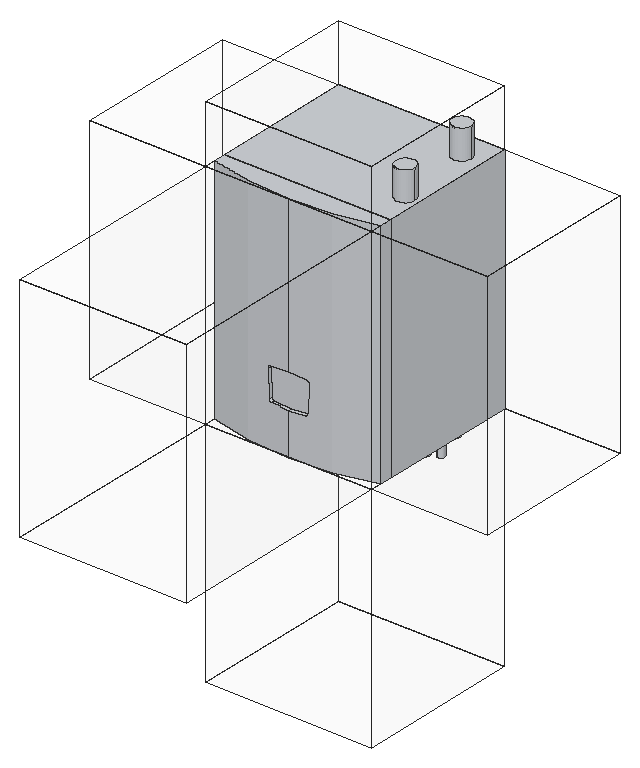
Revit family "Noble Boiler NKB080N-150N", category Mechanical Equipment, Revit 2016
Family settings
  Part Type = Normal
  Round Connector Dimension = Use Diameter
  Work Plane-Based = No
  Always vertical = Yes
  Cut with Voids When Loaded = No
  Shared = No
  Room Calculation Point = No
Parameters (values of type "NKB080N")
  Voltage/Heater = "120"
  Voltage/Control = ""
  VENT SIZE = 2"
  URL = "http://www.lochinvar.com/products/default.aspx?type=productline&lineid=240"
  Total Amps = ""
  Top Clearance = 6"
  SES BIM Studio # = "18 0649 05"
  Right Clearance = 12"
  P Condensate Offset from Right = 2 1/2"
  OUTPUT RATE (BTUH) = "74,000"
  O Boiler Water Offset from Right = 1 1/2"
  Model = MODEL NO.  # "NKB080N"
  Manufacturer = "Lochinvar"
  MODEL NO. = "NKB080N"
  N Boiler Water In Offset from Back = 8 1/2"
  M Boiler Water Out Offset from Back = 4 5/8"
  Left Clearance = 12"
  L Condensate Offset from Back = 5 1/8"
  K Gas Offset from Back = 12 5/8"
  J Gas Offset from Left = 6 3/8"
  INPUT RATE (BTUH) = "80,000"
  I Combustion Air Offset from Right = 1 1/2"
  GAS CONN = 1/2"
  GALLON CAPACITY = ""
  G Combustion Air Offset from Back = 11"
  Fuel Type = "Natural or LP"
  Front Clearance Depth = 24"
  Front Clearance = 24"
  FUEL TYPE = "NATURAL GAS"
  Electrical Offset from Right = 3"
  Electrical Offset from Back = 12 1/4"
  E Vent Offset from Back = 2 3/4"
  Description = "Noble Fire Tube Boiler"
  D Vent Offset from Right = 2 1/4"
  Condensate Diameter = 3/4"
  Clearance Display = yes
  C_UNIT DEPTH = 17 1/4"
  Bottom Clearance = 24"
  B_UNIT WIDTH = 17 1/4"
  BOILER WATER CONN = 1"
  A_UNIT HEIGHT = 24"
  AIR INLET = 2"
  # of Electrical Connections = "1"
Types (4): name | VENT SIZE | P Condensate Offset from Right | OUTPUT RATE (BTUH) | O Boiler Water Offset from Right | Model | MODEL NO. | N Boiler Water In Offset from Back | M Boiler Water Out Offset from Back | L Condensate Offset from Back | K Gas Offset from Back | J Gas Offset from Left | INPUT RATE (BTUH) | I Combustion Air Offset from Right | G Combustion Air Offset from Back | Electrical Offset from Back | E Vent Offset from Back | D Vent Offset from Right | C_UNIT DEPTH | AIR INLET
  (no name) | 2" | 2 1/2" | "74,000" | 1 1/2" | "NKB080N" | "NKB080N" | 8 1/2" | 4 5/8" | 5 1/8" | 12 5/8" | 6 3/8" | "80,000" | 1 1/2" | 11" | 12 1/4" | 2 3/4" | 2 1/4" | 17 1/4" | 2"
  NKB080N | 2" | 2 1/2" | "74,000" | 1 1/2" | "NKB080N" | "NKB080N" | 8 1/2" | 4 5/8" | 5 1/8" | 12 5/8" | 6 3/8" | "80,000" | 1 1/2" | 11" | 12 1/4" | 2 3/4" | 2 1/4" | 17 1/4" | 2"
  NKB110N | 3" | 3" | "102,000" | 2" | "NKB110N" | "NKB110N" | 9" | 5 1/2" | 2 7/8" | 13 1/8" | 7 3/4" | "110,000" | 2 7/8" | 11 3/4" | 13" | 2 7/8" | 2 3/4" | 18" | 3"
  NKB150N | 3" | 4 5/8" | "139,000" | 1 7/8" | "NKB150N" | "NKB150N" | 9 1/8" | 5 3/8" | 3" | 13 1/8" | 2 7/8" | "150,000" | 4 1/2" | 11 3/4" | 13" | 2 3/4" | 4 1/2" | 18" | 3"
Reference planes (in)
  plane 1 "Center (Front/Back)": y = 0
  plane 2: z = 0
  plane 3 "Center (Left/Right)": x = 0
  plane 4 "Unit Right": x = 8.625
  plane 5 "Unit Left": x = -8.625
  plane 6: y = -16
  plane 7: y = -14.75
  plane 8 "Unit Front": y = -17.25
  plane 9 "Unit Top": z = 24
  plane 10: y = -5.125
  plane 11: y = -2.75
  plane 12: y = -11
  plane 13: y = -8.5
  plane 14: y = -12.625
  plane 15: y = -12.25
  plane 16: x = 6.125
  plane 17: x = 6.375
  plane 18: x = -2.25
  plane 19: x = 5.625
  plane 20: x = 7.125
  plane 21: x = 7.125
  plane 22 "Top Clearance": z = 30
  plane 23 "Bottom Clearance": z = -24
  plane 24 "Front Clearance": y = -41.25
  plane 25 "Left Clearance": x = -20.625
  plane 26 "Right Clearance": x = 20.625
  plane 27: y = -4.625
Forms (in)
  Extrusion 1, solid
    sketch origin (0, 0, 0) x (1, 0, 0) y (0, 1, 0)
      loop
        line (-8.625, 0) -> (-8.625, -14.75) -> (8.625, -14.75) -> (8.625, 0) -> (-8.625, 0)
    from 0 to 24
  Extrusion 2, solid
    sketch origin (0, 0, 0) x (1, 0, 0) y (0, 1, 0)
      loop
        line (-8.625, -14.75) -> (-8.625, -16)
        arc (-8.625, -16) -> (-4.35755, -16.93586) -> (0, -17.25) r 30.38281
        arc (0, -17.25) -> (4.35755, -16.93586) -> (8.625, -16) r 30.38281
        line (8.625, -16) -> (8.625, -14.75) -> (-8.625, -14.75)
    from 0 to 24
  Extrusion 3, void
    sketch origin (0, -17.25, -3.75) x (-1, 0, 0) y (0, 0, 1)
      loop
        line (0, 11.6875) -> (-1.89423, 11.55504)
        arc (-1.89423, 11.55504) -> (-2.06258, 11.47293) -> (-2.12664, 11.29693) r 0.25
        line (-2.12664, 11.29693) -> (-2.02857, 8.48853)
        arc (-2.02857, 8.48853) -> (-1.95912, 8.32418) -> (-1.79778, 8.24798) r 0.25
        line (-1.79778, 8.24798) -> (0, 8.11049) -> (1.79778, 8.24798)
        arc (1.79778, 8.24798) -> (1.95912, 8.32418) -> (2.02857, 8.48853) r 0.25
        line (2.02857, 8.48853) -> (2.12664, 11.29693)
        arc (2.12664, 11.29693) -> (2.06258, 11.47293) -> (1.89423, 11.55504) r 0.25
        line (1.89423, 11.55504) -> (0, 11.6875)
    from 0 to 0.375
  Extrusion 4, solid
    sketch origin (0, 0, 24) x (1, 0, 0) y (0, 1, 0)
      loop
        circle (6.375, -2.75) r 1
      loop
        circle (7.125, -11) r 1
    from 0 to 3
  Extrusion 5, solid
    sketch origin (0, 0, 0) x (0, 1, 0) y (1, 0, 0)
      loop
        circle (-4.625, 7.125) r 0.5
      loop
        circle (-8.5, 7.125) r 0.5
    from 0 to 1
  Extrusion 6, solid
    sketch origin (-0.28051, 1.49603, 0) x (0, 1, 0) y (1, 0, 0)
      loop
        circle (-6.62103, 6.40551) r 0.375
    from 0 to 3
  Extrusion 7, solid
    sketch origin (0, 0, 0) x (0, 1, 0) y (1, 0, 0)
      loop
        circle (-12.625, -2.25) r 0.25
    from 0 to 1
  Extrusion 8, solid
    sketch origin (0, 0, 0) x (0, 1, 0) y (1, 0, 0)
      loop
        circle (-12.25, 5.625) r 0.25
    from 0 to 0.25
  Extrusion 9, solid, material "Clearance", visible <- "Clearance Display"
    sketch origin (0, 0, 24) x (0, -1, 0) y (1, 0, 0)
      loop
        line (0, -8.625) -> (17.25, -8.625) -> (17.25, 8.625) -> (0, 8.625) -> (0, -8.625)
    from 0 to 6
  Extrusion 10, solid, material "Clearance", visible <- "Clearance Display"
    sketch origin (0, 0, 0) x (1, 0, 0) y (0, 1, 0)
      loop
        line (-8.625, -17.25) -> (-8.625, -41.25) -> (8.625, -41.25) -> (8.625, -17.25) -> (-8.625, -17.25)
    from 0 to 24
  Extrusion 11, solid, material "Clearance", visible <- "Clearance Display"
    sketch origin (0, 0, 0) x (1, 0, 0) y (0, 1, 0)
      loop
        line (-20.625, 0) -> (-20.625, -17.25) -> (-8.625, -17.25) -> (-8.625, 0) -> (-20.625, 0)
    from 0 to 24
  Extrusion 12, solid, material "Clearance", visible <- "Clearance Display"
    sketch origin (0, 0, 0) x (1, 0, 0) y (0, 1, 0)
      loop
        line (8.625, 0) -> (8.625, -17.25) -> (20.625, -17.25) -> (20.625, 0) -> (8.625, 0)
    from 0 to 24
  Extrusion 13, solid, material "Clearance", visible <- "Clearance Display"
    sketch origin (0, 0, 0) x (0, 1, 0) y (1, 0, 0)
      loop
        line (0, -8.625) -> (0, 8.625) -> (-17.25, 8.625) -> (-17.25, -8.625) -> (0, -8.625)
    from 0 to 24
Cuts and joins
  Extrusion 3 cuts Extrusion 1
  Extrusion 3 cuts Extrusion 2
Dimensions and locks (in)
  equal spacing: plane 5 "Unit Left", plane 3 "Center (Left/Right)", plane 4 "Unit Right"
  "B_UNIT WIDTH": plane 5 "Unit Left" to plane 4 "Unit Right"
  "A_UNIT HEIGHT": plane 9 "Unit Top" to plane 2
  locked: plane 6 to plane 8 "Unit Front" at 1.25
  locked: plane 7 to plane 6 at 1.25
  "P Condensate Offset from Right": plane 16 to plane 4 "Unit Right"
  "D Vent Offset from Right": plane 17 to plane 4 "Unit Right"
  "I Combustion Air Offset from Right": plane 21 to plane 4 "Unit Right"
  "K Gas Offset from Back": plane 1 "Center (Front/Back)" to plane 14
  "Electrical Offset from Back": plane 1 "Center (Front/Back)" to plane 15
  "N Boiler Water In Offset from Back": plane 1 "Center (Front/Back)" to plane 13
  "E Vent Offset from Back": plane 11 to plane 1 "Center (Front/Back)"
  "G Combustion Air Offset from Back": plane 1 "Center (Front/Back)" to plane 12
  "L Condensate Offset from Back": plane 1 "Center (Front/Back)" to plane 10
  "J Gas Offset from Left": plane 5 "Unit Left" to plane 18
  "O Boiler Water Offset from Right": plane 20 to plane 4 "Unit Right"
  "Electrical Offset from Right": plane 19 to plane 4 "Unit Right"
  "Left Clearance": plane 25 "Left Clearance" to plane 5 "Unit Left"
  "Right Clearance": plane 4 "Unit Right" to plane 26 "Right Clearance"
  "Front Clearance": plane 8 "Unit Front" to plane 24 "Front Clearance"
  "Top Clearance": plane 22 "Top Clearance" to plane 9 "Unit Top"
  "Bottom Clearance": plane 2 to plane 23 "Bottom Clearance"
  "C_UNIT DEPTH": plane 8 "Unit Front" to plane 1 "Center (Front/Back)"
  "M Boiler Water Out Offset from Back": plane 27 to plane 1 "Center (Front/Back)"
  "VENT SIZE": diameter of Extrusion 4 sketch curve
  "AIR INLET": diameter of Extrusion 4 sketch curve
  "GAS CONN": diameter of Extrusion 7 sketch curve
  "Condensate Diameter": diameter of Extrusion 6 sketch curve
  "BOILER WATER CONN": diameter of Extrusion 5 sketch curve  (x2)
  aligned and locked: plane 2 to level
  aligned and locked: Extrusion 1 to plane 7
  aligned and locked: plane 5 "Unit Left" to Extrusion 1
  aligned and locked: Extrusion 1 to plane 1 "Center (Front/Back)"
  aligned and locked: Extrusion 1 to plane 4 "Unit Right"
  aligned and locked: Extrusion 1 to plane 9 "Unit Top"
  aligned and locked: Extrusion 2 sketch curve to plane 7
  aligned and locked: plane 5 "Unit Left" to Extrusion 2 sketch curve
  aligned and locked: plane 4 "Unit Right" to Extrusion 2 sketch curve
  aligned and locked: plane 8 "Unit Front" to Extrusion 2 sketch curve
  aligned and locked: Extrusion 2 to Extrusion 1
  aligned and locked: plane 11 to Extrusion 4 sketch curve
  aligned and locked: plane 17 to Extrusion 4 sketch curve
  aligned and locked: plane 12 to Extrusion 4 sketch curve
  aligned and locked: plane 21 to Extrusion 4 sketch curve
  aligned and locked: plane 10 to Extrusion 6 sketch curve
  aligned and locked: plane 16 to Extrusion 6 sketch curve
  aligned and locked: plane 18 to Extrusion 7 sketch curve
  aligned and locked: plane 14 to Extrusion 7 sketch curve
  aligned and locked: plane 15 to Extrusion 8 sketch curve
  aligned and locked: plane 19 to Extrusion 8 sketch curve
  aligned and locked: plane 13 to Extrusion 5 sketch curve
  aligned and locked: plane 20 to Extrusion 5 sketch curve  (x2)
  aligned and locked: Extrusion 9 sketch curve to cut or joined group of Extrusion 1, Extrusion 3  (x2)
  aligned and locked: Extrusion 9 sketch curve to plane 8 "Unit Front"
  aligned and locked: Extrusion 9 sketch curve to plane 4 "Unit Right"
  aligned and locked: Extrusion 9 to plane 22 "Top Clearance"
  aligned and locked: Extrusion 10 sketch curve to Extrusion 9  (x2)
  aligned and locked: plane 24 "Front Clearance" to Extrusion 10 sketch curve
  aligned and locked: plane 4 "Unit Right" to Extrusion 10 sketch curve
  aligned and locked: Extrusion 10 to plane 9 "Unit Top"
  aligned and locked: plane 1 "Center (Front/Back)" to Extrusion 11 sketch curve
  aligned and locked: Extrusion 11 sketch curve to plane 25 "Left Clearance"
  aligned and locked: Extrusion 11 sketch curve to Extrusion 9
  aligned and locked: Extrusion 11 sketch curve to Extrusion 10
  aligned and locked: Extrusion 12 sketch curve to cut or joined group of Extrusion 1, Extrusion 3
  aligned and locked: Extrusion 12 sketch curve to Extrusion 9
  aligned and locked: plane 8 "Unit Front" to Extrusion 12 sketch curve
  aligned and locked: plane 26 "Right Clearance" to Extrusion 12 sketch curve
  aligned and locked: Extrusion 11 to plane 9 "Unit Top"
  aligned and locked: Extrusion 12 to plane 9 "Unit Top"
  aligned and locked: Extrusion 13 sketch curve to cut or joined group of Extrusion 1, Extrusion 3
  aligned and locked: Extrusion 13 sketch curve to Extrusion 9  (x2)
  aligned and locked: Extrusion 13 sketch curve to Extrusion 10
  aligned and locked: plane 23 "Bottom Clearance" to Extrusion 13
  aligned and locked: plane 27 to Extrusion 5 sketch curve
Automatic sketch dimensions
  Extrusion 1 sketch curve to plane 5 "Unit Left" = 0"
  Extrusion 1 sketch curve to plane 4 "Unit Right" = 0"
  Extrusion 1 sketch curve to plane 7 = 0"
  plane 1 "Center (Front/Back)" to Extrusion 1 sketch curve = 0"
  Extrusion 2 sketch curve to plane 3 "Center (Left/Right)" = 0"
  Extrusion 2 sketch curve to plane 6 = 0"  (x2)
  Extrusion 2 sketch curve to plane 3 "Center (Left/Right)" = 0.00023"
  plane 3 "Center (Left/Right)" to Extrusion 2 sketch curve = 0.00023"
  Extrusion 3 sketch curve to plane 3 "Center (Left/Right)" = 0"  (x2)
  plane 3 "Center (Left/Right)" to Extrusion 3 sketch curve = 1.77872"
  Extrusion 3 sketch curve to Extrusion 3 sketch curve = 0.01906"  (x2)
  plane 3 "Center (Left/Right)" to Extrusion 3 sketch curve = 1.87679"
  Extrusion 3 sketch curve to Extrusion 3 sketch curve = 0.01744"  (x2)
  Extrusion 3 sketch curve to Extrusion 3 sketch curve = 0.24985"  (x3)
  Extrusion 3 sketch curve to plane 3 "Center (Left/Right)" = 1.77872"
  Extrusion 3 sketch curve to plane 3 "Center (Left/Right)" = 1.87679"
  level to Extrusion 3 sketch curve = 4.36049"
  Extrusion 3 sketch curve to Extrusion 3 sketch curve = 0.13749"  (x2)
  Extrusion 3 sketch curve to Extrusion 3 sketch curve = 0.24055"  (x2)
  Extrusion 3 sketch curve to Extrusion 3 sketch curve = 0.00872"  (x3)
  Extrusion 3 sketch curve to Extrusion 3 sketch curve = 2.80839"  (x2)
  Extrusion 3 sketch curve to Extrusion 3 sketch curve = 0.13246"
  radius of Extrusion 8 sketch curve = 1/4"
Connectors (in)
  hvac at (7.125, -11, 27), driven by "AIR INLET"
    settings: on Extrusion 4, index 1, duct flow 0 CFM, flow factor 0, pres drop 0.00 in-wg, loss coef 0, conn angle 0.00°, conn width 12", conn height 12", conn diameter 2", duct sys type 1, conn prof type 0, flow config 0, flow direction 1, loss method 0, conn ref index -1, conn util no, is conn primary yes, conn desc "Air Inlet Connection"
  hvac at (6.375, -2.75, 27), driven by "VENT SIZE"
    settings: on Extrusion 4, index 2, duct flow 0 CFM, flow factor 0, pres drop 0.00 in-wg, loss coef 0, conn angle 0.00°, conn width 12", conn height 12", conn diameter 2", duct sys type 3, conn prof type 0, flow config 0, flow direction 2, loss method 0, conn ref index -1, conn util no, is conn primary no, conn desc "Vent Connection"
  piping at (6.125, -5.125, -3), diameter 0.75, driven by "Condensate Diameter"
    settings: on Extrusion 6, index 3, connector inside diameter 24", connector length 0", flow factor 0, pipe flow 0 GPM, pressure drop 0.00 psi, fitting loss kfactor 0, connector angle 0.00°, fixture units 0, engagement length 0", angle of deflection 0.00°, flow configuration 0, flow direction 2, fitting loss method 0, system type 16, joint type 0, gender type 0, connector reference index -1, connector utility 0, adjustable connector no, is connector primary yes, connector description "Condensate Connection"
  piping at (7.125, -4.625, -1), diameter 1, driven by "BOILER WATER CONN"
    settings: on Extrusion 5, index 4, connector inside diameter 24", connector length 0", flow factor 0, pipe flow 0 GPM, pressure drop 0.00 psi, fitting loss kfactor 0, connector angle 0.00°, fixture units 0, engagement length 0", angle of deflection 0.00°, flow configuration 0, flow direction 2, fitting loss method 0, system type 7, joint type 0, gender type 0, connector reference index -1, connector utility 0, adjustable connector no, is connector primary no, connector description "Boiler Water Outlet"
  piping at (7.125, -8.5, -1), diameter 1, driven by "BOILER WATER CONN"
    settings: on Extrusion 5, index 7, connector inside diameter 24", connector length 0", flow factor 0, pipe flow 0 GPM, pressure drop 0.00 psi, fitting loss kfactor 0, connector angle 0.00°, fixture units 0, engagement length 0", angle of deflection 0.00°, flow configuration 0, flow direction 1, fitting loss method 0, system type 8, joint type 0, gender type 0, connector reference index -1, connector utility 0, adjustable connector no, is connector primary no, connector description "Bolier Water Inlet"
  piping at (-2.25, -12.625, -1), diameter 0.5, driven by "GAS CONN"
    settings: on Extrusion 7, index 8, connector inside diameter 24", connector length 0", flow factor 0, pipe flow 0 GPM, pressure drop 0.00 psi, fitting loss kfactor 0, connector angle 0.00°, fixture units 0, engagement length 0", angle of deflection 0.00°, flow configuration 0, flow direction 1, fitting loss method 0, system type 22, joint type 0, gender type 0, connector reference index -1, connector utility 0, adjustable connector no, is connector primary no, connector description "Gas Connection"
  electrical at (5.625, -12.25, -0.25)
    settings: on Extrusion 8, index 9, voltage 0 V, apparent load 0 VA, apparent load phase1 0 VA, apparent load phase2 0 VA, apparent load phase3 0 VA, power factor 1, load classification "Other", number of poles 1, system type 31, power factor state 1, is connector primary yes, connector utility no, sub classification motor no, connector description "Power Connection"
